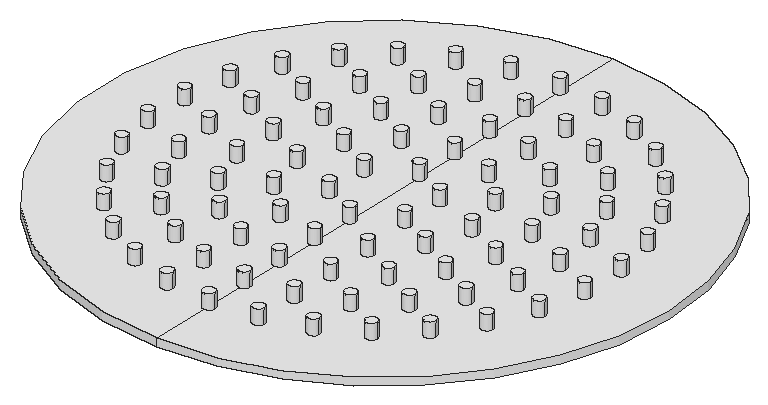
Revit family "Shower-Outlet-Caroma Titan-Right Angle Wall1", category Plumbing Fixtures, host Face, Revit 2013
Parameters (values of type "200mm")
  Waste Connection = no
  Vent Connection = no
  URL = "http://www.caroma.com.au/"
  Type Comments = if(Small, "Caroma Titan Round Shower Head 200mm", "Caroma Titan Round Shower Head 300mm")  # "Caroma Titan Round Shower Head 200mm"
  Small = yes
  Model = if(Small, "99017SS3A", "99018SS3A")  # "99017SS3A"
  Material_ANZRS = Metal-Chrome-Caroma
  Manufacturer = "GWA Bathrooms & Kitchens"  # constant formula
  Length_ANZRS = if(Small, 200 mm, 300 mm)  # 200 mm
  Large = not(Small)  # no
  Keynote = ""
  HW Connection = no
  Description = "WELS 3 Star rated, 9L/min"  # constant formula
  Default Elevation = 0 mm
  CreatedBy_ANZRS = "Design Content"  # constant formula
  CreatedByURL_ANZRS = "www.designcontent.com.au"
  CW Connection = no
  Assembly Code = "C1030210"
Types (2, lengths in mm): name | Type Comments | Small | Model | Length_ANZRS | Large
  200mm | "Caroma Titan Round Shower Head 200mm" | yes | "99017SS3A" | 200 | no
  300mm | "Caroma Titan Round Shower Head 300mm" | no | "99018SS3A" | 300 | yes
Reference planes
  plane 1 "Center (Front/Back)": y = 0
  plane 2: z = 0
  plane 3 "Center (Left/Right)": x = 0
  plane 4: z = 56.397
  plane 5: z = 45.397
  plane 6 "Left": x = -100
  plane 7 "Right": x = 100
  plane 8: y = -100
  plane 9: y = 100
Forms (mm)
  Revolve 1, solid, material "Metal-Chrome-Caroma" <- "Material_ANZRS"
    sketch origin (0, -400, 656) x (0, 0, -1) y (0, 1, 0)
      loop
        line (656.004, 400) -> (656.004, 411.758) -> (641.949, 411.758) -> (641.949, 410.115) -> (638.437, 410.115) -> (638.437, 409.013) -> (632.502, 409.013)
        arc (632.502, 409.013) -> (631.413, 409.941) -> (630.196, 410.694) r 9.393
        line (630.196, 410.694) -> (630.196, 415.089) -> (629.252, 416.033) -> (614.659, 416.033) -> (614.659, 414.431) -> (613.202, 414.431) -> (613.202, 400) -> (656.004, 400)
      axis (613.202, 400) -> (656.004, 400)
    angle from 0 to 360
  Revolve 2, solid, material "Metal-Chrome-Caroma" <- "Material_ANZRS"
    sketch origin (0, -400, 656) x (0, 0, -1) y (0, 1, 0)
      loop
        line (614.388, 416.033) -> (610.876, 416.033) -> (610.876, 481.334)
        arc (610.876, 481.334) -> (610.807, 481.851) -> (610.608, 482.334) r 2
        line (610.608, 482.334) -> (607.631, 487.49)
        arc (607.631, 487.49) -> (607.431, 487.972) -> (607.363, 488.49) r 2
        line (607.363, 488.49) -> (607.363, 500.074) -> (604.563, 500.074) -> (604.563, 400) -> (614.388, 400) -> (614.388, 416.033)
      axis (604.563, 400) -> (614.388, 400)
    angle from 0 to 360
  Extrusion 3, solid, material "Metal-Chrome-Caroma" <- "Material_ANZRS", visible <- "Small", detail levels fine
    sketch origin (0, 0, 0) x (1, 0, 0) y (0, 1, 0)
      loop
        circle (0, 77.084) r 2
      loop
        circle (0, 61.607) r 2
      loop
        circle (0, 46.165) r 2
      loop
        circle (0, 30.703) r 2
      loop
        circle (0, 15.328) r 2
      loop
        circle (-13.275, 7.664) r 2
      loop
        circle (-26.59, 15.352) r 2
      loop
        circle (-30.703, 0) r 2
      loop
        circle (-45.464, 8.016) r 2
      loop
        circle (-61.607, 0) r 2
      loop
        circle (-76.661, 8.057) r 2
      loop
        circle (-73.311, 23.82) r 2
      loop
        circle (-59.508, 15.945) r 2
      loop
        circle (-66.756, 38.542) r 2
      loop
        circle (-53.354, 30.804) r 2
      loop
        circle (-39.98, 23.082) r 2
      loop
        circle (-29.674, 35.364) r 2
      loop
        circle (-15.352, 26.59) r 2
      loop
        circle (-15.789, 43.381) r 2
      loop
        circle (-30.804, 53.354) r 2
      loop
        circle (-15.945, 59.508) r 2
      loop
        circle (-16.027, 75.399) r 2
      loop
        circle (-31.353, 70.419) r 2
      loop
        circle (-45.309, 62.362) r 2
      loop
        circle (-57.284, 51.579) r 2
      loop
        circle (-43.563, 43.563) r 2
      loop
        circle (0, -77.084) r 2
      loop
        circle (0, -61.607) r 2
      loop
        circle (0, -46.165) r 2
      loop
        circle (0, -30.703) r 2
      loop
        circle (0, -15.328) r 2
      loop
        circle (-13.275, -7.664) r 2
      loop
        circle (-26.59, -15.352) r 2
      loop
        circle (-45.464, -8.016) r 2
      loop
        circle (-76.661, -8.057) r 2
      loop
        circle (-73.311, -23.82) r 2
      loop
        circle (-59.508, -15.945) r 2
      loop
        circle (-66.756, -38.542) r 2
      loop
        circle (-53.354, -30.804) r 2
      loop
        circle (-39.98, -23.082) r 2
      loop
        circle (-29.674, -35.364) r 2
      loop
        circle (-15.352, -26.59) r 2
      loop
        circle (-15.789, -43.381) r 2
      loop
        circle (-30.804, -53.354) r 2
      loop
        circle (-15.945, -59.508) r 2
      loop
        circle (-16.027, -75.399) r 2
      loop
        circle (-31.353, -70.419) r 2
      loop
        circle (-45.309, -62.362) r 2
      loop
        circle (-57.284, -51.579) r 2
      loop
        circle (-43.563, -43.563) r 2
      loop
        circle (13.275, 7.664) r 2
      loop
        circle (26.59, 15.352) r 2
      loop
        circle (30.703, 0) r 2
      loop
        circle (45.464, 8.016) r 2
      loop
        circle (61.607, 0) r 2
      loop
        circle (76.661, 8.057) r 2
      loop
        circle (73.311, 23.82) r 2
      loop
        circle (59.508, 15.945) r 2
      loop
        circle (66.756, 38.542) r 2
      loop
        circle (53.354, 30.804) r 2
      loop
        circle (39.98, 23.082) r 2
      loop
        circle (29.674, 35.364) r 2
      loop
        circle (15.352, 26.59) r 2
      loop
        circle (15.789, 43.381) r 2
      loop
        circle (30.804, 53.354) r 2
      loop
        circle (15.945, 59.508) r 2
      loop
        circle (16.027, 75.399) r 2
      loop
        circle (31.353, 70.419) r 2
      loop
        circle (45.309, 62.362) r 2
      loop
        circle (57.284, 51.579) r 2
      loop
        circle (43.563, 43.563) r 2
      loop
        circle (13.275, -7.664) r 2
      loop
        circle (26.59, -15.352) r 2
      loop
        circle (45.464, -8.016) r 2
      loop
        circle (76.661, -8.057) r 2
      loop
        circle (73.311, -23.82) r 2
      loop
        circle (59.508, -15.945) r 2
      loop
        circle (66.756, -38.542) r 2
      loop
        circle (53.354, -30.804) r 2
      loop
        circle (39.98, -23.082) r 2
      loop
        circle (29.674, -35.364) r 2
      loop
        circle (15.352, -26.59) r 2
      loop
        circle (15.789, -43.381) r 2
      loop
        circle (30.804, -53.354) r 2
      loop
        circle (15.945, -59.508) r 2
      loop
        circle (16.027, -75.399) r 2
      loop
        circle (31.353, -70.419) r 2
      loop
        circle (45.309, -62.362) r 2
      loop
        circle (57.284, -51.579) r 2
      loop
        circle (43.563, -43.563) r 2
    from 51.437 to 56.397
  Extrusion 4, solid, material "Metal-Chrome-Caroma" <- "Material_ANZRS", visible <- "Large", detail levels fine
    sketch origin (0, 0, 0) x (1, 0, 0) y (0, 1, 0)
      loop
        circle (0, 106.975) r 2
      loop
        circle (0, 87.475) r 2
      loop
        circle (0, 67.975) r 2
      loop
        circle (0, 51.475) r 2
      loop
        circle (0, 32.975) r 2
      loop
        circle (0, 16.975) r 2
      loop
        circle (-14.701, 8.487) r 2
      loop
        circle (-32.975, 0) r 2
      loop
        circle (-67.975, 0) r 2
      loop
        circle (-106.975, 0) r 2
      loop
        circle (-105.35, 18.576) r 2
      loop
        circle (-100.523, 36.588) r 2
      loop
        circle (-92.643, 53.487) r 2
      loop
        circle (-81.947, 68.762) r 2
      loop
        circle (-68.762, 81.947) r 2
      loop
        circle (-53.487, 92.643) r 2
      loop
        circle (-36.588, 100.523) r 2
      loop
        circle (-18.576, 105.35) r 2
      loop
        circle (-18.187, 85.563) r 2
      loop
        circle (-35.579, 79.912) r 2
      loop
        circle (-51.416, 70.769) r 2
      loop
        circle (-65.006, 58.532) r 2
      loop
        circle (-75.755, 43.737) r 2
      loop
        circle (-83.194, 27.031) r 2
      loop
        circle (-86.996, 9.144) r 2
      loop
        circle (-65.659, 17.593) r 2
      loop
        circle (-58.868, 33.987) r 2
      loop
        circle (-48.065, 48.065) r 2
      loop
        circle (-33.987, 58.868) r 2
      loop
        circle (-17.593, 65.659) r 2
      loop
        circle (-17.605, 48.371) r 2
      loop
        circle (-33.087, 39.432) r 2
      loop
        circle (-44.579, 25.737) r 2
      loop
        circle (-50.693, 8.939) r 2
      loop
        circle (0, 126.475) r 2
      loop
        circle (-18.91, 125.028) r 2
      loop
        circle (-37.342, 120.821) r 2
      loop
        circle (-54.942, 113.913) r 2
      loop
        circle (-71.316, 104.46) r 2
      loop
        circle (-86.098, 92.672) r 2
      loop
        circle (-98.958, 78.812) r 2
      loop
        circle (-109.608, 63.191) r 2
      loop
        circle (-117.811, 46.156) r 2
      loop
        circle (-123.384, 28.09) r 2
      loop
        circle (-126.202, 9.394) r 2
      loop
        circle (-28.635, 16.441) r 2
      loop
        circle (-16.556, 28.52) r 2
      loop
        circle (14.701, 8.487) r 2
      loop
        circle (105.35, 18.576) r 2
      loop
        circle (100.523, 36.588) r 2
      loop
        circle (92.643, 53.487) r 2
      loop
        circle (81.947, 68.762) r 2
      loop
        circle (68.762, 81.947) r 2
      loop
        circle (53.487, 92.643) r 2
      loop
        circle (36.588, 100.523) r 2
      loop
        circle (18.576, 105.35) r 2
      loop
        circle (18.187, 85.563) r 2
      loop
        circle (35.579, 79.912) r 2
      loop
        circle (51.416, 70.769) r 2
      loop
        circle (65.006, 58.532) r 2
      loop
        circle (75.755, 43.737) r 2
      loop
        circle (83.194, 27.031) r 2
      loop
        circle (86.996, 9.144) r 2
      loop
        circle (65.659, 17.593) r 2
      loop
        circle (58.868, 33.987) r 2
      loop
        circle (48.065, 48.065) r 2
      loop
        circle (33.987, 58.868) r 2
      loop
        circle (17.593, 65.659) r 2
      loop
        circle (17.605, 48.371) r 2
      loop
        circle (33.087, 39.432) r 2
      loop
        circle (44.579, 25.737) r 2
      loop
        circle (50.693, 8.939) r 2
      loop
        circle (18.91, 125.028) r 2
      loop
        circle (37.342, 120.821) r 2
      loop
        circle (54.942, 113.913) r 2
      loop
        circle (71.316, 104.46) r 2
      loop
        circle (86.098, 92.672) r 2
      loop
        circle (98.958, 78.812) r 2
      loop
        circle (109.608, 63.191) r 2
      loop
        circle (117.811, 46.156) r 2
      loop
        circle (123.384, 28.09) r 2
      loop
        circle (126.202, 9.394) r 2
      loop
        circle (28.635, 16.441) r 2
      loop
        circle (16.556, 28.52) r 2
      loop
        circle (32.975, 0) r 2
      loop
        circle (67.975, 0) r 2
      loop
        circle (106.975, 0) r 2
      loop
        circle (0, -106.975) r 2
      loop
        circle (0, -87.475) r 2
      loop
        circle (0, -67.975) r 2
      loop
        circle (0, -51.475) r 2
      loop
        circle (0, -32.975) r 2
      loop
        circle (0, -16.975) r 2
      loop
        circle (-14.701, -8.487) r 2
      loop
        circle (-105.35, -18.576) r 2
      loop
        circle (-100.523, -36.588) r 2
      loop
        circle (-92.643, -53.487) r 2
      loop
        circle (-81.947, -68.762) r 2
      loop
        circle (-68.762, -81.947) r 2
      loop
        circle (-53.487, -92.643) r 2
      loop
        circle (-36.588, -100.523) r 2
      loop
        circle (-18.576, -105.35) r 2
      loop
        circle (-18.187, -85.563) r 2
      loop
        circle (-35.579, -79.912) r 2
      loop
        circle (-51.416, -70.769) r 2
      loop
        circle (-65.006, -58.532) r 2
      loop
        circle (-75.755, -43.737) r 2
      loop
        circle (-83.194, -27.031) r 2
      loop
        circle (-86.996, -9.144) r 2
      loop
        circle (-65.659, -17.593) r 2
      loop
        circle (-58.868, -33.987) r 2
      loop
        circle (-48.065, -48.065) r 2
      loop
        circle (-33.987, -58.868) r 2
      loop
        circle (-17.593, -65.659) r 2
      loop
        circle (-17.605, -48.371) r 2
      loop
        circle (-33.087, -39.432) r 2
      loop
        circle (-44.579, -25.737) r 2
      loop
        circle (-50.693, -8.939) r 2
      loop
        circle (0, -126.475) r 2
      loop
        circle (-18.91, -125.028) r 2
      loop
        circle (-37.342, -120.821) r 2
      loop
        circle (-54.942, -113.913) r 2
      loop
        circle (-71.316, -104.46) r 2
      loop
        circle (-86.098, -92.672) r 2
      loop
        circle (-98.958, -78.812) r 2
      loop
        circle (-109.608, -63.191) r 2
      loop
        circle (-117.811, -46.156) r 2
      loop
        circle (-123.384, -28.09) r 2
      loop
        circle (-126.202, -9.394) r 2
      loop
        circle (-28.635, -16.441) r 2
      loop
        circle (-16.556, -28.52) r 2
      loop
        circle (14.701, -8.487) r 2
      loop
        circle (105.35, -18.576) r 2
      loop
        circle (100.523, -36.588) r 2
      loop
        circle (92.643, -53.487) r 2
      loop
        circle (81.947, -68.762) r 2
      loop
        circle (68.762, -81.947) r 2
      loop
        circle (53.487, -92.643) r 2
      loop
        circle (36.588, -100.523) r 2
      loop
        circle (18.576, -105.35) r 2
      loop
        circle (18.187, -85.563) r 2
      loop
        circle (35.579, -79.912) r 2
      loop
        circle (51.416, -70.769) r 2
      loop
        circle (65.006, -58.532) r 2
      loop
        circle (75.755, -43.737) r 2
      loop
        circle (83.194, -27.031) r 2
      loop
        circle (86.996, -9.144) r 2
      loop
        circle (65.659, -17.593) r 2
      loop
        circle (58.868, -33.987) r 2
      loop
        circle (48.065, -48.065) r 2
      loop
        circle (33.987, -58.868) r 2
      loop
        circle (17.593, -65.659) r 2
      loop
        circle (17.605, -48.371) r 2
      loop
        circle (33.087, -39.432) r 2
      loop
        circle (44.579, -25.737) r 2
      loop
        circle (50.693, -8.939) r 2
      loop
        circle (18.91, -125.028) r 2
      loop
        circle (37.342, -120.821) r 2
      loop
        circle (54.942, -113.913) r 2
      loop
        circle (71.316, -104.46) r 2
      loop
        circle (86.098, -92.672) r 2
      loop
        circle (98.958, -78.812) r 2
      loop
        circle (109.608, -63.191) r 2
      loop
        circle (117.811, -46.156) r 2
      loop
        circle (123.384, -28.09) r 2
      loop
        circle (126.202, -9.394) r 2
      loop
        circle (28.635, -16.441) r 2
      loop
        circle (16.556, -28.52) r 2
    from 51.437 to 56.397
Lines and regions (mm)
  Masking region 1
    outline origin (0, 0, 0) x (1, 0, 0) y (0, 0, 1)
      loop
        line (11.758, -0.004) -> (11.758, 14.051) -> (10.114, 14.051) -> (10.114, 17.563) -> (9.013, 17.563) -> (9.013, 23.498) -> (10.688, 25.804) -> (15.089, 25.804) -> (16.033, 26.748) -> (16.033, 41.341) -> (-16.033, 41.341) -> (-16.033, 26.748) -> (-15.089, 25.804) -> (-10.688, 25.804) -> (-9.013, 23.498) -> (-9.013, 17.563) -> (-10.114, 17.563) -> (-10.114, 14.051) -> (-11.758, 14.051) -> (-11.758, -0.004) -> (11.758, -0.004)
  Masking region 2
    outline origin (0, 0, 0) x (1, 0, 0) y (0, 0, 1)
      loop
        line (-15.958, 41.612) -> (15.958, 41.612) -> (15.958, 45.124) -> (81.259, 45.124)
        arc (81.259, 45.124) -> (81.777, 45.193) -> (82.259, 45.392) r 2
        line (82.259, 45.392) -> (87.415, 48.369)
        arc (87.415, 48.369) -> (87.898, 48.569) -> (88.415, 48.637) r 2
        line (88.415, 48.637) -> (100, 48.637) -> (100, 51.437) -> (-100, 51.437) -> (-100, 48.637) -> (-88.415, 48.637)
        arc (-88.415, 48.637) -> (-87.898, 48.569) -> (-87.415, 48.369) r 2
        line (-87.415, 48.369) -> (-82.259, 45.392)
        arc (-82.259, 45.392) -> (-81.777, 45.193) -> (-81.259, 45.124) r 2
        line (-81.259, 45.124) -> (-15.958, 45.124) -> (-15.958, 41.612)
  symbolic lines, style "PlumbingFixturesHiddenLines"
    curve 1: circle (0, 0, 0) r 100.074 normal (0, 0, 1)
  symbolic lines
    curve 2: line (-16.033, 0, 45.124) -> (16.033, 0, 45.124)
    curve 3: line (90, 0, 48.637) -> (-88.415, 0, 48.637)
    curve 4: line (-16.033, 0, 26.748) -> (16.033, 0, 26.748)
    curve 5: line (-10.688, 0, 25.804) -> (10.694, 0, 25.804)
    curve 6: line (-9.013, 0, 23.498) -> (9.013, 0, 23.498)
    curve 7: line (-9.013, 0, 17.563) -> (9.013, 0, 17.563)
    curve 8: line (-10.114, 0, 14.051) -> (10.114, 0, 14.051)
Dimensions and locks
  equal spacing: plane 9, plane 1 "Center (Front/Back)", plane 8
  equal spacing: plane 6 "Left", plane 3 "Center (Left/Right)", plane 7 "Right"
  "Length_ANZRS": plane 6 "Left" to plane 7 "Right"
  "Length_ANZRS": plane 9 to plane 8
  curve 1 to plane 6 "Left" = 0.074 mm
  curve 1 to plane 9 = 0.074 mm
  aligned and locked: plane 2 to host face
  aligned and locked: level to host face
Automatic sketch dimensions
  host sketch curve to host sketch curve = 568 mm
  host sketch curve to host sketch curve = 566 mm
  Revolve 1 sketch curve to plane 1 "Center (Front/Back)" = 0 mm  (x2)
  Revolve 1 sketch curve to plane 5 = 2.599 mm
  Revolve 1 sketch curve to plane 1 "Center (Front/Back)" = 9.013 mm
  Revolve 1 sketch curve to Revolve 1 sketch curve = 1.457 mm
  Revolve 1 sketch curve to Revolve 1 sketch curve = 14.593 mm
  Revolve 1 sketch curve to Revolve 1 sketch curve = 0.944 mm  (x2)
  Revolve 1 sketch curve to Revolve 1 sketch curve = 2.306 mm
  Revolve 1 sketch curve to Revolve 1 sketch curve = 5.935 mm
  Revolve 1 sketch curve to Revolve 1 sketch curve = 3.512 mm
  Revolve 1 sketch curve to level = 0.004 mm
  Revolve 1 sketch curve to plane 1 "Center (Front/Back)" = 2.351 mm
  Revolve 1 sketch curve to Revolve 1 sketch curve = 4.315 mm
  Revolve 1 sketch curve to Revolve 1 sketch curve = 0 mm
  Revolve 1 sketch curve to Revolve 1 sketch curve = 5 mm
  Revolve 1 sketch curve to Revolve 1 sketch curve = 1.102 mm
  Revolve 1 sketch curve to Revolve 1 sketch curve = 1.643 mm
  Revolve 1 sketch curve to plane 1 "Center (Front/Back)" = 14.431 mm
  Revolve 1 sketch curve to Revolve 1 sketch curve = 4.396 mm
  Revolve 2 sketch curve to plane 1 "Center (Front/Back)" = 0 mm  (x2)
  plane 4 to Revolve 2 sketch curve = 4.96 mm
  Revolve 2 sketch curve to plane 5 = 0.273 mm
  Revolve 2 sketch curve to plane 1 "Center (Front/Back)" = 16.033 mm
  plane 9 to Revolve 2 sketch curve = 0.074 mm
  Revolve 2 sketch curve to Revolve 2 sketch curve = 2.8 mm
  Revolve 2 sketch curve to Revolve 2 sketch curve = 0.268 mm
  Revolve 2 sketch curve to plane 5 = 0.005 mm
  Revolve 2 sketch curve to plane 5 = 3.785 mm
  plane 5 to Revolve 2 sketch curve = 1.727 mm
  plane 5 to Revolve 2 sketch curve = 1.24 mm
  Revolve 2 sketch curve to level = 0.004 mm
  Revolve 2 sketch curve to Revolve 2 sketch curve = 5 mm
  Revolve 2 sketch curve to plane 9 = 18.666 mm
  Revolve 2 sketch curve to Revolve 2 sketch curve = 5.156 mm
  plane 1 "Center (Front/Back)" to Extrusion 3 sketch curve = 0 mm  (x4)
  Extrusion 3 sketch curve to plane 3 "Center (Left/Right)" = 0 mm  (x10)
  Extrusion 3 sketch curve to plane 3 "Center (Left/Right)" = 13.275 mm  (x2)
  Extrusion 3 sketch curve to plane 3 "Center (Left/Right)" = 15.352 mm  (x2)
  Extrusion 3 sketch curve to plane 3 "Center (Left/Right)" = 15.789 mm  (x2)
  Extrusion 3 sketch curve to plane 3 "Center (Left/Right)" = 15.945 mm  (x2)
  Extrusion 3 sketch curve to Extrusion 3 sketch curve = 0.081 mm  (x4)
  Extrusion 3 sketch curve to Extrusion 3 sketch curve = 13.315 mm  (x4)
  Extrusion 3 sketch curve to Extrusion 3 sketch curve = 13.885 mm  (x4)
  Extrusion 3 sketch curve to Extrusion 3 sketch curve = 4.113 mm  (x2)
  Extrusion 3 sketch curve to Extrusion 3 sketch curve = 14.859 mm  (x4)
  Extrusion 3 sketch curve to Extrusion 3 sketch curve = 15.326 mm  (x4)
  Extrusion 3 sketch curve to Extrusion 3 sketch curve = 13.39 mm  (x4)
  Extrusion 3 sketch curve to Extrusion 3 sketch curve = 12.759 mm  (x8)
  Extrusion 3 sketch curve to Extrusion 3 sketch curve = 13.956 mm  (x4)
  Extrusion 3 sketch curve to plane 1 "Center (Front/Back)" = 8.016 mm  (x2)
  Extrusion 3 sketch curve to Extrusion 3 sketch curve = 5.484 mm  (x2)
  plane 1 "Center (Front/Back)" to Extrusion 3 sketch curve = 8.016 mm  (x2)
  Extrusion 3 sketch curve to Extrusion 3 sketch curve = 0 mm  (x4)
  Extrusion 3 sketch curve to Extrusion 3 sketch curve = 13.374 mm  (x4)
  Extrusion 3 sketch curve to Extrusion 3 sketch curve = 13.721 mm  (x4)
  Extrusion 3 sketch curve to Extrusion 3 sketch curve = 6.155 mm  (x8)
  Extrusion 3 sketch curve to Extrusion 3 sketch curve = 2.099 mm  (x2)
  Extrusion 3 sketch curve to Extrusion 3 sketch curve = 13.403 mm  (x4)
  Extrusion 3 sketch curve to Extrusion 3 sketch curve = 13.803 mm  (x4)
  Extrusion 3 sketch curve to plane 1 "Center (Front/Back)" = 8.057 mm  (x2)
  Extrusion 3 sketch curve to Extrusion 3 sketch curve = 3.35 mm  (x2)
  plane 1 "Center (Front/Back)" to Extrusion 3 sketch curve = 8.057 mm  (x2)
  plane 3 "Center (Left/Right)" to Extrusion 3 sketch curve = 13.275 mm  (x2)
  plane 3 "Center (Left/Right)" to Extrusion 3 sketch curve = 15.352 mm  (x2)
  plane 3 "Center (Left/Right)" to Extrusion 3 sketch curve = 15.789 mm  (x2)
  plane 3 "Center (Left/Right)" to Extrusion 3 sketch curve = 15.945 mm  (x2)
  plane 1 "Center (Front/Back)" to Extrusion 3 sketch curve = 15.328 mm
  plane 1 "Center (Front/Back)" to Extrusion 3 sketch curve = 15.352 mm  (x2)
  plane 1 "Center (Front/Back)" to Extrusion 3 sketch curve = 15.945 mm  (x2)
  Extrusion 3 sketch curve to Extrusion 3 sketch curve = 7.731 mm  (x4)
  Extrusion 3 sketch curve to Extrusion 3 sketch curve = 7.875 mm  (x4)
  Extrusion 3 sketch curve to Extrusion 3 sketch curve = 11.238 mm  (x4)
  Extrusion 3 sketch curve to Extrusion 3 sketch curve = 15.375 mm  (x2)
  Extrusion 3 sketch curve to Extrusion 3 sketch curve = 7.721 mm  (x4)
  Extrusion 3 sketch curve to Extrusion 3 sketch curve = 12.282 mm  (x4)
  Extrusion 3 sketch curve to Extrusion 3 sketch curve = 7.738 mm  (x4)
  Extrusion 3 sketch curve to Extrusion 3 sketch curve = 8.016 mm  (x8)
  Extrusion 3 sketch curve to Extrusion 3 sketch curve = 15.462 mm  (x2)
  Extrusion 3 sketch curve to Extrusion 3 sketch curve = 9.791 mm  (x4)
  Extrusion 3 sketch curve to Extrusion 3 sketch curve = 15.443 mm  (x2)
  Extrusion 3 sketch curve to Extrusion 3 sketch curve = 10.783 mm  (x4)
  Extrusion 3 sketch curve to Extrusion 3 sketch curve = 8.057 mm  (x4)
  Extrusion 3 sketch curve to Extrusion 3 sketch curve = 15.891 mm  (x4)
  Extrusion 3 sketch curve to Extrusion 3 sketch curve = 15.476 mm  (x2)
  plane 1 "Center (Front/Back)" to Extrusion 3 sketch curve = 7.664 mm  (x2)
  Extrusion 3 sketch curve to plane 1 "Center (Front/Back)" = 7.664 mm  (x2)
  Extrusion 3 sketch curve to plane 1 "Center (Front/Back)" = 15.328 mm
  Extrusion 3 sketch curve to plane 1 "Center (Front/Back)" = 15.352 mm  (x2)
  Extrusion 3 sketch curve to plane 1 "Center (Front/Back)" = 15.945 mm  (x2)
  plane 1 "Center (Front/Back)" to Extrusion 4 sketch curve = 0 mm  (x6)
  Extrusion 4 sketch curve to plane 3 "Center (Left/Right)" = 0 mm  (x14)
  Extrusion 4 sketch curve to plane 3 "Center (Left/Right)" = 14.701 mm  (x2)
  Extrusion 4 sketch curve to plane 3 "Center (Left/Right)" = 16.556 mm  (x2)
  Extrusion 4 sketch curve to plane 3 "Center (Left/Right)" = 17.593 mm  (x2)
  Extrusion 4 sketch curve to Extrusion 4 sketch curve = 0.012 mm  (x4)
  Extrusion 4 sketch curve to plane 3 "Center (Left/Right)" = 18.187 mm  (x2)
  Extrusion 4 sketch curve to plane 3 "Center (Left/Right)" = 18.576 mm  (x2)
  Extrusion 4 sketch curve to plane 3 "Center (Left/Right)" = 18.91 mm  (x2)
  Extrusion 4 sketch curve to Extrusion 4 sketch curve = 13.934 mm  (x4)
  Extrusion 4 sketch curve to Extrusion 4 sketch curve = 4.34 mm  (x2)
  Extrusion 4 sketch curve to Extrusion 4 sketch curve = 15.482 mm  (x4)
  Extrusion 4 sketch curve to Extrusion 4 sketch curve = 16.394 mm  (x4)
  Extrusion 4 sketch curve to Extrusion 4 sketch curve = 17.392 mm  (x4)
  Extrusion 4 sketch curve to Extrusion 4 sketch curve = 18.012 mm  (x8)
  Extrusion 4 sketch curve to Extrusion 4 sketch curve = 18.433 mm  (x4)
  Extrusion 4 sketch curve to Extrusion 4 sketch curve = 11.491 mm  (x4)
  Extrusion 4 sketch curve to Extrusion 4 sketch curve = 14.978 mm  (x4)
  Extrusion 4 sketch curve to plane 1 "Center (Front/Back)" = 8.939 mm  (x2)
  Extrusion 4 sketch curve to Extrusion 4 sketch curve = 6.114 mm  (x2)
  Extrusion 4 sketch curve to Extrusion 4 sketch curve = 0 mm  (x6)
  Extrusion 4 sketch curve to Extrusion 4 sketch curve = 15.837 mm  (x4)
  Extrusion 4 sketch curve to Extrusion 4 sketch curve = 16.9 mm  (x8)
  Extrusion 4 sketch curve to Extrusion 4 sketch curve = 17.6 mm  (x4)
  Extrusion 4 sketch curve to Extrusion 4 sketch curve = 14.289 mm  (x4)
  Extrusion 4 sketch curve to Extrusion 4 sketch curve = 13.59 mm  (x4)
  Extrusion 4 sketch curve to Extrusion 4 sketch curve = 14.966 mm  (x4)
  Extrusion 4 sketch curve to Extrusion 4 sketch curve = 2.316 mm  (x2)
  Extrusion 4 sketch curve to Extrusion 4 sketch curve = 15.275 mm  (x8)
  Extrusion 4 sketch curve to Extrusion 4 sketch curve = 16.374 mm  (x4)
  Extrusion 4 sketch curve to Extrusion 4 sketch curve = 10.749 mm  (x4)
  Extrusion 4 sketch curve to Extrusion 4 sketch curve = 13.185 mm  (x8)
  Extrusion 4 sketch curve to Extrusion 4 sketch curve = 7.438 mm  (x4)
  Extrusion 4 sketch curve to Extrusion 4 sketch curve = 14.782 mm  (x4)
  plane 1 "Center (Front/Back)" to Extrusion 4 sketch curve = 9.144 mm  (x2)
  Extrusion 4 sketch curve to Extrusion 4 sketch curve = 3.802 mm  (x2)
  Extrusion 4 sketch curve to plane 1 "Center (Front/Back)" = 9.144 mm  (x2)
  Extrusion 4 sketch curve to Extrusion 4 sketch curve = 10.695 mm  (x8)
  Extrusion 4 sketch curve to Extrusion 4 sketch curve = 12.86 mm  (x4)
  Extrusion 4 sketch curve to Extrusion 4 sketch curve = 7.881 mm  (x8)
  Extrusion 4 sketch curve to Extrusion 4 sketch curve = 4.826 mm  (x8)
  Extrusion 4 sketch curve to Extrusion 4 sketch curve = 1.625 mm  (x4)
  Extrusion 4 sketch curve to Extrusion 4 sketch curve = 10.651 mm  (x4)
  Extrusion 4 sketch curve to Extrusion 4 sketch curve = 8.203 mm  (x4)
  Extrusion 4 sketch curve to Extrusion 4 sketch curve = 5.573 mm  (x4)
  Extrusion 4 sketch curve to plane 1 "Center (Front/Back)" = 9.394 mm  (x2)
  Extrusion 4 sketch curve to Extrusion 4 sketch curve = 2.818 mm  (x2)
  plane 3 "Center (Left/Right)" to Extrusion 4 sketch curve = 14.701 mm  (x2)
  plane 3 "Center (Left/Right)" to Extrusion 4 sketch curve = 16.556 mm  (x2)
  plane 3 "Center (Left/Right)" to Extrusion 4 sketch curve = 17.593 mm  (x2)
  plane 3 "Center (Left/Right)" to Extrusion 4 sketch curve = 18.187 mm  (x2)
  plane 3 "Center (Left/Right)" to Extrusion 4 sketch curve = 18.576 mm  (x2)
  plane 3 "Center (Left/Right)" to Extrusion 4 sketch curve = 18.91 mm  (x2)
  plane 1 "Center (Front/Back)" to Extrusion 4 sketch curve = 9.394 mm  (x2)
  plane 1 "Center (Front/Back)" to Extrusion 4 sketch curve = 16.441 mm  (x2)
  plane 1 "Center (Front/Back)" to Extrusion 4 sketch curve = 16.975 mm
  plane 1 "Center (Front/Back)" to Extrusion 4 sketch curve = 17.593 mm  (x2)
  plane 1 "Center (Front/Back)" to Extrusion 4 sketch curve = 18.576 mm  (x2)
  Extrusion 4 sketch curve to Extrusion 4 sketch curve = 9.297 mm  (x2)
  Extrusion 4 sketch curve to Extrusion 4 sketch curve = 9.438 mm
  Extrusion 4 sketch curve to Extrusion 4 sketch curve = 17.888 mm  (x3)
  Extrusion 4 sketch curve to Extrusion 4 sketch curve = 18.696 mm  (x4)
  Extrusion 4 sketch curve to Extrusion 4 sketch curve = 12.079 mm  (x4)
  Extrusion 4 sketch curve to Extrusion 4 sketch curve = 16 mm  (x2)
  Extrusion 4 sketch curve to Extrusion 4 sketch curve = 8.25 mm  (x4)
  Extrusion 4 sketch curve to Extrusion 4 sketch curve = 13.695 mm  (x4)
  Extrusion 4 sketch curve to Extrusion 4 sketch curve = 16.706 mm  (x4)
  Extrusion 4 sketch curve to Extrusion 4 sketch curve = 18.067 mm  (x4)
  Extrusion 4 sketch curve to Extrusion 4 sketch curve = 8.633 mm  (x4)
  Extrusion 4 sketch curve to Extrusion 4 sketch curve = 8.939 mm  (x4)
  Extrusion 4 sketch curve to Extrusion 4 sketch curve = 3.104 mm  (x2)
  Extrusion 4 sketch curve to Extrusion 4 sketch curve = 14.795 mm  (x4)
  Extrusion 4 sketch curve to Extrusion 4 sketch curve = 10.802 mm  (x4)
  Extrusion 4 sketch curve to Extrusion 4 sketch curve = 17.034 mm  (x4)
  Extrusion 4 sketch curve to Extrusion 4 sketch curve = 17.288 mm  (x4)
  Extrusion 4 sketch curve to Extrusion 4 sketch curve = 16.5 mm  (x2)
  Extrusion 4 sketch curve to Extrusion 4 sketch curve = 12.237 mm  (x4)
  Extrusion 4 sketch curve to Extrusion 4 sketch curve = 15.621 mm  (x4)
  Extrusion 4 sketch curve to Extrusion 4 sketch curve = 9.144 mm  (x4)
  Extrusion 4 sketch curve to Extrusion 4 sketch curve = 5.651 mm  (x4)
  Extrusion 4 sketch curve to Extrusion 4 sketch curve = 1.912 mm  (x2)
  Extrusion 4 sketch curve to Extrusion 4 sketch curve = 13.86 mm  (x4)
  Extrusion 4 sketch curve to Extrusion 4 sketch curve = 11.788 mm  (x4)
  Extrusion 4 sketch curve to Extrusion 4 sketch curve = 9.453 mm  (x4)
  Extrusion 4 sketch curve to Extrusion 4 sketch curve = 6.907 mm  (x4)
  Extrusion 4 sketch curve to Extrusion 4 sketch curve = 4.207 mm  (x4)
  Extrusion 4 sketch curve to Extrusion 4 sketch curve = 1.447 mm  (x2)
  plane 1 "Center (Front/Back)" to Extrusion 4 sketch curve = 8.939 mm  (x2)
  plane 1 "Center (Front/Back)" to Extrusion 4 sketch curve = 8.487 mm  (x2)
  Extrusion 4 sketch curve to plane 1 "Center (Front/Back)" = 8.487 mm  (x2)
  Extrusion 4 sketch curve to Extrusion 4 sketch curve = 7.953 mm  (x2)
  Extrusion 4 sketch curve to plane 1 "Center (Front/Back)" = 16.975 mm
  Extrusion 4 sketch curve to Extrusion 4 sketch curve = 8.655 mm  (x2)
  Extrusion 4 sketch curve to plane 1 "Center (Front/Back)" = 18.576 mm  (x2)
  Extrusion 4 sketch curve to Extrusion 4 sketch curve = 16.799 mm  (x2)
  curve 1 to plane 3 "Center (Left/Right)" = 0 mm
  Masking region 1 sketch curve to plane 5 = 4.055 mm
  Masking region 1 sketch curve to plane 3 "Center (Left/Right)" = 16.033 mm
  Masking region 1 sketch curve to level = 0.004 mm
  Masking region 1 sketch curve to Masking region 1 sketch curve = 0.944 mm  (x4)
  Masking region 1 sketch curve to plane 3 "Center (Left/Right)" = 11.758 mm
  Masking region 1 sketch curve to Masking region 1 sketch curve = 4.401 mm  (x2)
  Masking region 1 sketch curve to Masking region 1 sketch curve = 1.643 mm
  Masking region 1 sketch curve to Masking region 1 sketch curve = 1.102 mm  (x2)
  plane 3 "Center (Left/Right)" to Masking region 1 sketch curve = 9.013 mm
  Masking region 1 sketch curve to Masking region 1 sketch curve = 1.675 mm
  plane 3 "Center (Left/Right)" to Masking region 1 sketch curve = 11.758 mm
  level to Masking region 1 sketch curve = 14.051 mm  (x2)
  Masking region 1 sketch curve to Masking region 1 sketch curve = 3.512 mm  (x2)
  Masking region 1 sketch curve to Masking region 1 sketch curve = 5.935 mm  (x2)
  Masking region 1 sketch curve to Masking region 1 sketch curve = 2.306 mm  (x2)
  Masking region 2 sketch curve to plane 6 "Left" = 0 mm
  Masking region 2 sketch curve to plane 7 "Right" = 0 mm
  plane 6 "Left" to Masking region 2 sketch curve = 11.585 mm
  plane 5 to Masking region 2 sketch curve = 2.972 mm  (x2)
  Masking region 2 sketch curve to Masking region 2 sketch curve = 1 mm  (x4)
  Masking region 2 sketch curve to plane 5 = 0.005 mm  (x2)
  Masking region 2 sketch curve to Masking region 2 sketch curve = 5.156 mm  (x2)
  Masking region 2 sketch curve to plane 5 = 0.273 mm  (x2)
  Masking region 2 sketch curve to plane 3 "Center (Left/Right)" = 15.958 mm
  plane 3 "Center (Left/Right)" to Masking region 2 sketch curve = 15.958 mm
  Masking region 2 sketch curve to plane 7 "Right" = 18.741 mm
  Masking region 2 sketch curve to Masking region 2 sketch curve = 0.268 mm
  Masking region 2 sketch curve to Masking region 2 sketch curve = 2.8 mm  (x2)
  Masking region 2 sketch curve to Masking region 2 sketch curve = 3.513 mm
  plane 5 to curve 3 = 3.24 mm
  plane 6 "Left" to curve 3 = 11.585 mm
  curve 4 to plane 3 "Center (Left/Right)" = 16.033 mm
  curve 2 to plane 5 = 0.273 mm
  curve 2 to plane 3 "Center (Left/Right)" = 16.033 mm
  curve 4 to curve 5 = 5.345 mm
  curve 8 to plane 3 "Center (Left/Right)" = 10.114 mm
  curve 8 to curve 7 = 1.102 mm
  curve 5 to curve 6 = 1.675 mm
  plane 3 "Center (Left/Right)" to curve 7 = 9.013 mm
  curve 6 to curve 7 = 0 mm
  curve 7 to curve 8 = 1.102 mm
  curve 6 to curve 5 = 1.681 mm
  plane 3 "Center (Left/Right)" to curve 2 = 16.033 mm
  curve 5 to curve 4 = 5.339 mm
  curve 3 to plane 7 "Right" = 10 mm
  curve 4 to curve 2 = 18.376 mm
  curve 5 to curve 4 = 0.944 mm
  curve 6 to curve 5 = 2.306 mm
  curve 7 to curve 6 = 5.935 mm
  curve 8 to curve 7 = 3.512 mm
  radius of Extrusion 3 sketch curve = 2 mm  (x90)
  radius of Extrusion 4 sketch curve = 2 mm  (x168)
Types in the file's own list only (2): name | Type Comments | Model | Material_ANZRS | Head Size | HWFU | HW Connection | Default Elevation | Cost | Connector Radius | CWFU | CW Connection
  200mm Head | "Caroma Titan Wall Shower Arm Right Angle" | "99021SS" | Metal-Stainless Steel-Polished-Caroma | Shower-Head-Caroma Titan : 200mm | 2.37 | Yes | 2100 mm | 0.00 $ | 10 mm | 2.37 | Yes
  300mm Head | "Caroma Titan Wall Shower Arm Right Angle" | "99021SS" | Metal-Chrome-Caroma | Shower-Head-Caroma Titan : 300mm | 2.37 | Yes | 2100 mm | 0.00 $ | 10 mm | 2.37 | Yes
